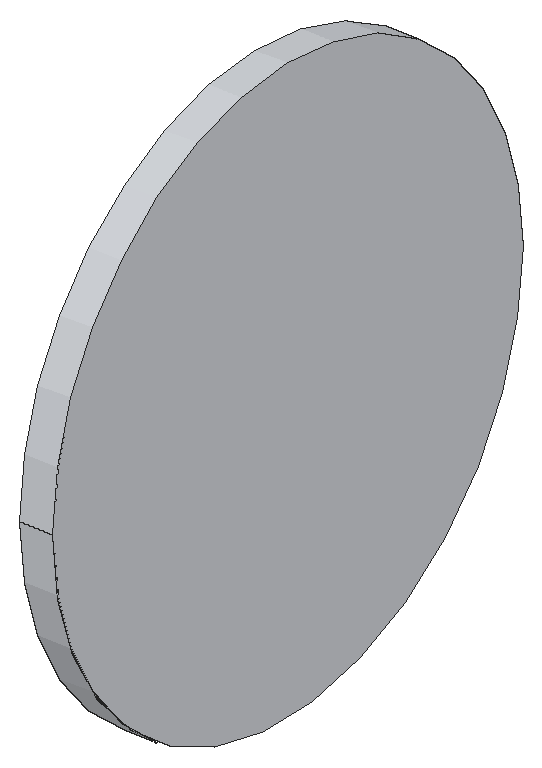
Revit family "624c8b343dbd4c1faf9b3f6e98369c08", category Pipe Fittings, Revit 2021
Family settings
  Round Connector Dimension = Use Radius
  Part Type = Flange
  OmniClass Number = 23.60.30.11.14
  OmniClass Title = Pipework Fittings
  Seek Item ID = Flange - Threaded - GI - Class 250-0000-USA-ENU
  Work Plane-Based = No
  Always vertical = Yes
  Cut with Voids When Loaded = No
  Shared = No
Parameters (values of type "Standard")
  Tick Size [instance] = Flange Diameter * 0.4  # 3.6000"
  Nominal Radius [instance] = 2.0000"
  Nominal Diameter [instance] = Nominal Radius * 2  # 4.0000"
  Loss Method = Not Defined
  Lookup Table Name = "Flange - Hub - Steel - Class 175"
  Length [instance] = size_lookup(Lookup Table Name, "Lgt", 0.03 * Nominal Diameter + 0.9700", Nominal Diameter)  # 0.8750"
  Hub Radius [instance] = Hub Diameter / 2  # 2.6560"
  Hub Diameter [instance] = size_lookup(Lookup Table Name, "HDia", 1.02 * Nominal Diameter + 1.6700", Nominal Diameter)  # 5.3120"
  Flange Thickness [instance] = size_lookup(Lookup Table Name, "FThk", 0.02 * Nominal Diameter + 0.5300", Nominal Diameter)  # 0.5000"
  Flange Radius [instance] = Flange Diameter / 2  # 4.5000"
  Flange Diameter [instance] = size_lookup(Lookup Table Name, "FDia", 1.13 * Nominal Diameter + 4.8700", Nominal Diameter)  # 9.0000"
  Default Elevation = 0.0000"
Reference planes (in)
  plane 1 "Center (Front/Back)": y = 0
  plane 2: z = 0
  plane 3 "Center (Left/Right)": x = 0
  plane 4: y = 3.6
  plane 5: y = -3.6
  plane 6: x = 0.375
  plane 7: x = 0.875
Forms (in)
  Extrusion 1, solid, detail levels fine
    sketch origin (0, 0, 0) x (0, 1, 0) y (0, 0, 1)
      loop
        circle (0, 0) r 4.5
    from 0.375 to 0.875
  Extrusion 2, solid, detail levels fine
    sketch origin (0, 0, 0) x (0, 1, 0) y (0, 0, 1)
      loop
        circle (0, 0) r 2.656
    from 0 to 0.375
Lines and regions (in)
  model lines, detail levels coarse+medium
    curve 1: line (0.375, 3.6, 0) -> (0.375, -3.6, 0)
  model lines, style "PipeFitting", detail levels coarse+medium
    curve 2: line (0.875, 0, 0) -> (0, 0, 0)
Dimensions and locks (in)
  equal spacing: plane 4, plane 1 "Center (Front/Back)", plane 5
  "Tick Size": plane 4 to plane 1 "Center (Front/Back)"
  "Length": plane 3 "Center (Left/Right)" to plane 7
  "Flange Thickness": plane 6 to plane 7
  "Flange Radius": radius of Extrusion 1 sketch curve
  "Hub Radius": radius of Extrusion 2 sketch curve
  aligned and locked: plane 4 to curve 1
  aligned and locked: plane 5 to curve 1
  aligned and locked: curve 1 to plane 6
  aligned and locked: plane 1 "Center (Front/Back)" to curve 2
  aligned and locked: plane 2 to Extrusion 2 sketch curve
  aligned and locked: plane 1 "Center (Front/Back)" to Extrusion 2 sketch curve
  aligned and locked: Extrusion 2 to plane 3 "Center (Left/Right)"
  aligned and locked: plane 6 to Extrusion 2
  aligned and locked: plane 7 to Extrusion 1
  aligned and locked: Extrusion 1 to plane 6
  aligned and locked: plane 7 to curve 2
  aligned and locked: plane 3 "Center (Left/Right)" to curve 2
Automatic sketch dimensions
  Extrusion 1 sketch curve to level = 0.0000"
  Extrusion 1 sketch curve to plane 1 "Center (Front/Back)" = 0.0000"
Connectors (in)
  piping at (0, 0, 0), diameter 4, driven by "Nominal Radius"
    settings: on Extrusion 2, index 1, connector inside diameter 4.0000", connector length 0.0000", flow factor 0, pipe flow 0 GPM, pressure drop 0.00 psi, fitting loss kfactor 0, connector angle 0.00°, fixture units 0, engagement length 0.0000", angle of deflection 0.00°, flow configuration 0, flow direction 0, fitting loss method 0, system type 28, joint type 0, gender type 0, connector reference index 2, connector utility 0, adjustable connector no, is connector primary yes, connector description ""
  piping at (0.875, 0, 0), diameter 4, driven by "Nominal Radius"
    settings: on Extrusion 1, index 2, connector inside diameter 4.0000", connector length 0.0000", flow factor 0, pipe flow 0 GPM, pressure drop 0.00 psi, fitting loss kfactor 0, connector angle 0.00°, fixture units 0, engagement length 0.0000", angle of deflection 0.00°, flow configuration 0, flow direction 0, fitting loss method 0, system type 28, joint type 0, gender type 0, connector reference index 1, connector utility 0, adjustable connector no, is connector primary no, connector description ""
